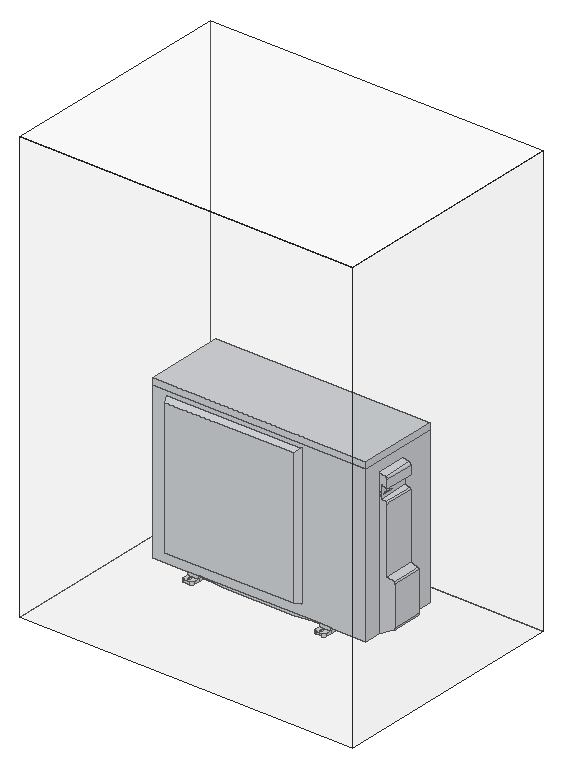
Revit family "puzg-mp2m_2_60hz", category 機械設備, Revit 2019
Family settings
  丸型コネクタ寸法 = 直径を使用
  パーツ タイプ = 標準
  OmniClass 番号 = 23.75.10.24.21.27.27
  OmniClass タイトル = Split System Air Conditioning Units
  作業面ベース = いいえ
  常に垂直 = はい
  ロード時にボイドで切り取り = いいえ
  共有 = いいえ
  部屋計算ポイント = いいえ
Parameters (values of type "室外機_PUG-MP2MKA2")
  音響パワーレベル（冷）(dB) = 65
  音響パワーレベル（暖）(dB) = 0
  電源種別 = ""
  電源位置Y = 61 mm
  電源位置Z = 497.7 mm
  電源位置X = 400 mm
  電圧 = 200 V
  電動機出力_送風機 = 0.04 kW
  電動機出力_圧縮機 = 1.1 kW
  集中コントローラ [instance] = ""
  運転質量 = 0.00 kg
  運転方法 = "冷房専用"
  質量 = if(製品質量 > 運転質量, 製品質量, 運転質量) * 1.2  # 46.80 kg
  負荷分類 = 1_熱源類
  説明 = "空冷H/P PAC インバータ室外機"
  設計暖房能力 [instance] = 0 kW
  設計冷房能力_顕熱 [instance] = 0 kW
  設計冷房能力 [instance] = 0 kW
  設置方法 = "床置形"
  記号 [instance] = ""
  製造元 = "三菱電機株式会社"
  製品質量 = 39.00 kg
  製品出荷対象 = "国内"
  製品リリース年月 = ""
  製品グループ = ""
  系統 [instance] = ""
  符号 = "PAC"
  積算_科目 = "1 空気調和設備"
  積算_拾い区分 [instance] = ""
  相 = 3
  盤記号 [instance] = ""
  発停方法 = "付属スイッチ"
  特殊仕様 [instance] = ""
  消費電力_暖房 = 0 kW
  消費電力_冷房 = 0 kW
  消費電力 = if(消費電力_冷房 > 消費電力_暖房, 消費電力_冷房, 消費電力_暖房)  # 0 kW
  法定耐用年数 = "6"
  構成品番 = "PUG-MP2MKA2"
  極数 = 3
  材質 [instance] = ""
  本体マテリアル = none
  最小電線太さ_mm2 = 1.6
  最大電流値 = 9 A
  暖房能力 = 0 kW
  推奨ブレーカー容量 = 15 A
  据付ピッチ1 = 0 mm
  形式 = "パッケージ形 室外機"
  形名 = PUZ-ZRMP-1 : PUZ-ZRMP-1
  幹線記号 [instance] = ""
  始動方式 = "インバータ始動方式"
  呼称 = "パッケージ形空気調和機_室外機"
  周波数 = 60 Hz
  価格 = 0
  ドレン　位置Z = 8.5 mm
  ドレン　位置Y = 48.5 mm
  ドレン　位置X = 404.5 mm
  アンカーボルト位置Y = 330 mm
  アンカーボルト位置X = 500 mm
  参照している仕様書等のバージョン = "公共建築物標準仕様書（機械設備工事編）平成31年度版"
  分類コード = "50053003126100"
  分類グループ = ""
  冷房能力 = 4.9 kW
  冷媒管（ガス）位置X = 420 mm
  冷媒管（液）位置X = 420 mm
  冷媒管（液）位置Y = 153.75 mm
  冷媒管（ガス）位置Y = 153.75 mm
  冷媒管長 [instance] = 0 mm
  冷媒管径符号 = "Ac"
  冷媒管径 = 60.00 mm
  冷媒管位置Z = 158.95 mm
  冷媒管位置Y = (冷媒管（液）位置Y + 冷媒管（ガス）位置Y) / 2  # 153.75 mm
  冷媒管位置X = (冷媒管（液）位置X + 冷媒管（ガス）位置X) / 2  # 420 mm
  冷媒液管径 = 6.35 mm
  冷媒ガス管径 = 12.70 mm
  企業コード = "108420"
  付属品 [instance] = ""
  仕様書バージョン = "Version1.0"
  ユニット数 = 1
  ユニット3 = yes
  ユニット2 = yes
  Model = ""
  ドレン管径 = 42.00 mm
  サービススペース = yes
  コメント [instance] = ""
  ケーブル種類1 = ""
  【値が 0 の項目は組合せ形名にてご確認ください】 = ""
  Width = 809 mm
  Version = ""
  Uniclass2015Version = "Systems v1.9"
  Uniclass2015Title = "Split coil remote air cooled condensing units"
  Uniclass2015Code = "Pr_70_65_03_84"
  URL = "https://www.mitsubishielectric.co.jp/ldg/wink/ssl/displayProduct.do?pid=311533&ccd=2020103123"
  SpecificationReference = ""
  SpecificationDescription = ""
  Revision = ""
  ProductInformation = ""
  OmniClassCode = "23-33 17 13 11"
  IfcTypeProduct = ""
  IfcProduct = ""
  IfcExportType = "AIRCONDITIONINGUNIT"
  IfcExportAs = "IfcUnitaryEquipmentType"
  Height = 630 mm
  Depth = 300 mm
  Clearance Top = 1000 mm
  Clearance Right = 350 mm
  Clearance Left = 100 mm
  Clearance Front = 500 mm
  Clearance Bottom = 0 mm
  Clearance Back = 100 mm
  COP = 0
  Author = "三菱電機株式会社"
  APF = 0
Reference planes
  plane 1 "中心(正面/背面)": y = 74
  plane 2: z = 0
  plane 3 "中心(左/右)": x = 830
  plane 4 "右": x = 1234.5
  plane 5 "左": x = 425.5
  plane 6 "背面": y = 224
  plane 7 "正面": y = -76
  plane 8 "上部": z = 630
  plane 9 "Clearanse Top": z = 1630
  plane 10 "SS_back": y = 324
  plane 11 "SS_front": y = -576
  plane 12 "SS_left": x = 325.5
  plane 13 "SS_right": x = 1584.5
  plane 14: z = 0
  plane 15: y = -15
  plane 16: x = 1230
  plane 17: z = 497.7
  plane 18: y = -13
  plane 19: y = 70.25
  plane 20: x = 1250
  plane 21: y = 175.5
  plane 22: x = 830
  plane 23: z = 10.5
  plane 24: z = 8.5
  plane 25: x = 580
  plane 26: x = 1080
  plane 27: y = 239
  plane 28: y = -91
Forms (mm)
  Extrusion 1, solid, detail levels fine
    sketch origin (0, -76, 0) x (1, 0, 0) y (0, 0, 1)
      loop
        circle (1230, 497.7) r 13.5
    from -63 to -61
  Extrusion 2, solid, detail levels fine
    sketch origin (-1437.329, -1524, 54) x (-1, 0, 0) y (0, -1, 0)
      loop
        circle (-2267.329, -1699.5) r 21
    from -45.5 to -43.5
  Sweep 3, solid, material <- "本体マテリアル", detail levels fine
    path origin (1250, 1296.25, 1200) x (0, 1, 0) y (0, 0, 1)
      loop
        line (-1226, -1041.05) -> (-1272.623, -1084.565)
    profile origin (1250, 46.939, 137.193) x (0, 0.682318, -0.731055) y (1, 0, 0)
      loop
        circle (0, 0) r 30
Lines and regions (mm)
  model lines, not visible
    curve 1: line (460, 178.667, 1289.179) -> (460, 297.73, 1289.179)
    curve 2: line (460, 178.667, 1056.056) -> (460, 178.667, 1289.179)
    curve 3: line (460, 297.73, 1056.056) -> (460, 178.667, 1056.056)
    curve 4: line (460, 297.73, 1289.179) -> (460, 297.73, 1056.056)
    curve 5: line (460, 47.598, 1289.179) -> (460, 166.661, 1289.179)
    curve 6: line (460, 47.598, 1056.056) -> (460, 47.598, 1289.179)
    curve 7: line (460, 166.661, 1056.056) -> (460, 47.598, 1056.056)
    curve 8: line (460, 166.661, 1289.179) -> (460, 166.661, 1056.056)
    curve 9: line (460, -83.471, 1289.179) -> (460, 35.592, 1289.179)
    curve 10: line (460, -83.471, 1056.056) -> (460, -83.471, 1289.179)
    curve 11: line (460, 35.592, 1056.056) -> (460, -83.471, 1056.056)
    curve 12: line (460, 35.592, 1289.179) -> (460, 35.592, 1056.056)
    curve 13: line (460, -150.779, 1289.179) -> (460, -95.75, 1289.179)
    curve 14: line (460, -150.779, 1056.056) -> (460, -150.779, 1289.179)
    curve 15: line (460, -95.75, 1056.056) -> (460, -150.779, 1056.056)
    curve 16: line (460, -95.75, 1289.179) -> (460, -95.75, 1056.056)
    curve 17: line (460, -150.779, 1283.175) -> (460, -132.596, 1283.175)
    curve 18: line (460, -150.779, 1062.059) -> (460, -150.779, 1283.175)
    curve 19: line (460, -132.596, 1062.059) -> (460, -150.779, 1062.059)
    curve 20: line (460, -132.596, 1283.175) -> (460, -132.596, 1062.059)
    curve 21: line (460, 178.667, 1046.051) -> (460, 297.73, 1046.051)
    curve 22: line (460, 178.667, 812.928) -> (460, 178.667, 1046.051)
    curve 23: line (460, 297.73, 812.928) -> (460, 178.667, 812.928)
    curve 24: line (460, 297.73, 1046.051) -> (460, 297.73, 812.928)
    curve 25: line (460, 47.598, 1046.051) -> (460, 166.661, 1046.051)
    curve 26: line (460, 47.598, 812.928) -> (460, 47.598, 1046.051)
    curve 27: line (460, 166.661, 812.928) -> (460, 47.598, 812.928)
    curve 28: line (460, 166.661, 1046.051) -> (460, 166.661, 812.928)
    curve 29: line (460, -83.471, 1046.051) -> (460, 35.592, 1046.051)
    curve 30: line (460, -83.471, 812.928) -> (460, -83.471, 1046.051)
    curve 31: line (460, 35.592, 812.928) -> (460, -83.471, 812.928)
    curve 32: line (460, 35.592, 1046.051) -> (460, 35.592, 812.928)
    curve 33: line (460, -150.779, 1046.051) -> (460, -95.75, 1046.051)
    curve 34: line (460, -150.779, 812.928) -> (460, -150.779, 1046.051)
    curve 35: line (460, -95.75, 812.928) -> (460, -150.779, 812.928)
    curve 36: line (460, -95.75, 1046.051) -> (460, -95.75, 812.928)
    curve 37: line (460, -150.779, 1040.048) -> (460, -132.596, 1040.048)
    curve 38: line (460, -150.779, 818.931) -> (460, -150.779, 1040.048)
    curve 39: line (460, -132.596, 818.931) -> (460, -150.779, 818.931)
    curve 40: line (460, -132.596, 1040.048) -> (460, -132.596, 818.931)
    curve 41: line (460, 178.667, 802.923) -> (460, 297.73, 802.923)
    curve 42: line (460, 178.667, 569.8) -> (460, 178.667, 802.923)
    curve 43: line (460, 297.73, 569.8) -> (460, 178.667, 569.8)
    curve 44: line (460, 297.73, 802.923) -> (460, 297.73, 569.8)
    curve 45: line (460, 47.598, 802.923) -> (460, 166.661, 802.923)
    curve 46: line (460, 47.598, 569.8) -> (460, 47.598, 802.923)
    curve 47: line (460, 166.661, 569.8) -> (460, 47.598, 569.8)
    curve 48: line (460, 166.661, 802.923) -> (460, 166.661, 569.8)
    curve 49: line (460, -83.471, 802.923) -> (460, 35.592, 802.923)
    curve 50: line (460, -83.471, 569.8) -> (460, -83.471, 802.923)
    curve 51: line (460, 35.592, 569.8) -> (460, -83.471, 569.8)
    curve 52: line (460, 35.592, 802.923) -> (460, 35.592, 569.8)
    curve 53: line (460, -150.779, 802.923) -> (460, -95.75, 802.923)
    curve 54: line (460, -150.779, 569.8) -> (460, -150.779, 802.923)
    curve 55: line (460, -95.75, 569.8) -> (460, -150.779, 569.8)
    curve 56: line (460, -95.75, 802.923) -> (460, -95.75, 569.8)
    curve 57: line (460, -150.779, 796.92) -> (460, -132.596, 796.92)
    curve 58: line (460, -150.779, 575.803) -> (460, -150.779, 796.92)
    curve 59: line (460, -132.596, 575.803) -> (460, -150.779, 575.803)
    curve 60: line (460, -132.596, 796.92) -> (460, -132.596, 575.803)
    curve 61: line (460, 178.667, 559.795) -> (460, 297.73, 559.795)
    curve 62: line (460, 178.667, 326.672) -> (460, 178.667, 559.795)
    curve 63: line (460, 297.73, 326.672) -> (460, 178.667, 326.672)
    curve 64: line (460, 297.73, 559.795) -> (460, 297.73, 326.672)
    curve 65: line (460, 47.598, 559.795) -> (460, 166.661, 559.795)
    curve 66: line (460, 47.598, 326.672) -> (460, 47.598, 559.795)
    curve 67: line (460, 166.661, 326.672) -> (460, 47.598, 326.672)
    curve 68: line (460, 166.661, 559.795) -> (460, 166.661, 326.672)
    curve 69: line (460, -83.471, 559.795) -> (460, 35.592, 559.795)
    curve 70: line (460, -83.471, 326.672) -> (460, -83.471, 559.795)
    curve 71: line (460, 35.592, 326.672) -> (460, -83.471, 326.672)
    curve 72: line (460, 35.592, 559.795) -> (460, 35.592, 326.672)
    curve 73: line (460, -150.779, 559.795) -> (460, -95.75, 559.795)
    curve 74: line (460, -150.779, 326.672) -> (460, -150.779, 559.795)
    curve 75: line (460, -95.75, 326.672) -> (460, -150.779, 326.672)
    curve 76: line (460, -95.75, 559.795) -> (460, -95.75, 326.672)
    curve 77: line (460, -150.779, 553.792) -> (460, -132.596, 553.792)
    curve 78: line (460, -150.779, 332.675) -> (460, -150.779, 553.792)
    curve 79: line (460, -132.596, 332.675) -> (460, -150.779, 332.675)
    curve 80: line (460, -132.596, 553.792) -> (460, -132.596, 332.675)
    curve 81: line (460, 178.667, 316.667) -> (460, 297.73, 316.667)
    curve 82: line (460, 178.667, 83.544) -> (460, 178.667, 316.667)
    curve 83: line (460, 297.73, 83.544) -> (460, 178.667, 83.544)
    curve 84: line (460, 297.73, 316.667) -> (460, 297.73, 83.544)
    curve 85: line (460, 47.598, 316.667) -> (460, 166.661, 316.667)
    curve 86: line (460, 47.598, 83.544) -> (460, 47.598, 316.667)
    curve 87: line (460, 166.661, 83.544) -> (460, 47.598, 83.544)
    curve 88: line (460, 166.661, 316.667) -> (460, 166.661, 83.544)
    curve 89: line (460, -83.471, 316.667) -> (460, 35.592, 316.667)
    curve 90: line (460, -83.471, 83.544) -> (460, -83.471, 316.667)
    curve 91: line (460, 35.592, 83.544) -> (460, -83.471, 83.544)
    curve 92: line (460, 35.592, 316.667) -> (460, 35.592, 83.544)
    curve 93: line (460, -150.779, 316.667) -> (460, -95.75, 316.667)
    curve 94: line (460, -150.779, 83.544) -> (460, -150.779, 316.667)
    curve 95: line (460, -95.75, 83.544) -> (460, -150.779, 83.544)
    curve 96: line (460, -95.75, 316.667) -> (460, -95.75, 83.544)
    curve 97: line (460, -150.779, 310.664) -> (460, -132.596, 310.664)
    curve 98: line (460, -150.779, 89.547) -> (460, -150.779, 310.664)
    curve 99: line (460, -132.596, 89.547) -> (460, -150.779, 89.547)
    curve 100: line (460, -132.596, 310.664) -> (460, -132.596, 89.547)
Dimensions and locks
  equal spacing: plane 7 "正面", plane 1 "中心(正面/背面)", plane 6 "背面"
  "Depth": plane 7 "正面" to plane 6 "背面"
  "Width": plane 5 "左" to plane 4 "右"
  equal spacing: plane 5 "左", plane 3 "中心(左/右)", plane 4 "右"
  "Clearance Left": plane 12 "SS_left" to plane 5 "左"
  "Clearance Right": plane 4 "右" to plane 13 "SS_right"
  "Clearance Back": plane 6 "背面" to plane 10 "SS_back"
  "Clearance Front": plane 11 "SS_front" to plane 7 "正面"
  "Height": plane 8 "上部" to level
  "Clearance Top": plane 9 "Clearanse Top" to plane 8 "上部"
  "Clearance Bottom": level to plane 14
  "電源位置X": plane 3 "中心(左/右)" to plane 16
  "電源位置Y": plane 7 "正面" to plane 15
  "電源位置Z": plane 17 to level
  locked: plane 15 to plane 18 at 2
  "冷媒管位置X": plane 3 "中心(左/右)" to plane 20
  "冷媒管位置Y": plane 19 to plane 6 "背面"
  "ドレン　位置X": plane 5 "左" to plane 22
  "ドレン　位置Y": plane 21 to plane 6 "背面"
  locked: plane 23 to plane 24 at 2
  "ドレン　位置Z": plane 24 to level
  equal spacing: plane 28, plane 1 "中心(正面/背面)", plane 27
  "アンカーボルト位置Y": plane 28 to plane 27
  equal spacing: plane 25, plane 3 "中心(左/右)", plane 26
  "アンカーボルト位置X": plane 25 to plane 26
  radius of Extrusion 1 sketch curve = 13.5 mm
  "ドレン管径": diameter of Extrusion 2 sketch curve
  "冷媒管径": diameter of Sweep 3 sketch curve
  aligned and locked: level to plane 2
  aligned and locked: plane 10 "SS_back" to nested 1  (x2)
  aligned and locked: plane 13 "SS_right" to nested 1
  aligned and locked: plane 12 "SS_left" to nested 1  (x2)
  aligned and locked: nested 1 to plane 13 "SS_right"
  aligned and locked: plane 11 "SS_front" to nested 1
  aligned and locked: plane 9 "Clearanse Top" to nested 1
  aligned and locked: plane 1 "中心(正面/背面)" to nested 2
  aligned and locked: plane 3 "中心(左/右)" to nested 2
  aligned and locked: plane 14 to nested 1
  aligned and locked: plane 17 to Extrusion 1 sketch curve
  aligned and locked: plane 16 to Extrusion 1 sketch curve
  aligned and locked: Extrusion 1 to plane 18
  aligned and locked: plane 15 to Extrusion 1
  aligned and locked: plane 22 to Extrusion 2 sketch curve
  aligned and locked: plane 21 to Extrusion 2 sketch curve
  aligned and locked: plane 23 to Extrusion 2
  aligned and locked: Extrusion 2 to plane 24
  aligned and locked: plane 25 to nested 3
  aligned and locked: plane 27 to nested 3
Automatic sketch dimensions
  Sweep 3 sketch curve to plane 18 = 36.627 mm
  plane 1 "中心(正面/背面)" to Sweep 3 sketch curve = 3.75 mm
  plane 23 to Sweep 3 sketch curve = 104.935 mm
  Sweep 3 sketch curve to Sweep 3 sketch curve = 43.515 mm
  Sweep 3 sketch curve to plane 20 = 0 mm
  Sweep 3 sketch curve to profile plane = 0 mm
Nested families
  nested 1: "サービススペース" at (955, -126, 815), visible <- "サービススペース", type "サービススペース"
    with Width 1259 mm, Height 1630 mm, Depth 900 mm
  nested 2: "PUZ-ZRMP-1" at (830, 74, 0), type <- "形名", type "PUZ-ZRMP-1"
  nested 3: "固定点" at (580, -91, 0), type "固定点"
    with 中心円 10 mm, W 500 mm, D 330 mm
Connectors
  electrical at (1230, -15, 497.7), driven by "極数", driven by "負荷分類", driven by "電圧", driven by "消費電力"
    settings: on Extrusion 1, index 2, voltage 200 V, apparent load 0 VA, apparent load phase1 0 VA, apparent load phase2 0 VA, apparent load phase3 0 VA, power factor 1, load classification "1_熱源類", number of poles 3, system type 30, power factor state 1, is connector primary yes, connector utility no, sub classification motor no, connector description ""
  piping at (1250, 70.25, 158.95), diameter 60, driven by "冷媒管径", driven by "冷媒管径符号"
    settings: on Sweep 3, index 3, connector inside diameter 609.60 mm, connector length 0 mm, flow factor 0, pipe flow 0.0 L/s, pressure drop 0.0 Pa, fitting loss kfactor 0, connector angle 0.00°, fixture units 0, engagement length 0 mm, angle of deflection 0.00°, flow configuration 1, flow direction 2, fitting loss method 4, system type 7, joint type 0, gender type 0, connector reference index -1, connector utility 0, adjustable connector no, is connector primary yes, connector description "Ac"
Definition of nested family "サービススペース"
  Parameters (values of type "サービススペース")
    Width [instance] = 500 mm
    Height [instance] = 500 mm
    Depth [instance] = 500 mm
  Reference planes
    plane 1 "中心(正面/背面)": y = 0
    plane 2: z = 0
    plane 3 "中心(左/右)": x = 0
    plane 4: y = -250
    plane 5: x = 250
    plane 6: y = 250
    plane 7: x = -250
    plane 8: z = 250
    plane 9: z = -250
  Forms (mm)
    Extrusion 1, solid
      sketch origin (-638.939, 0, 72.39) x (1, 0, 0) y (0, 1, 0)
        loop
          line (388.939, 250) -> (388.939, -250) -> (888.939, -250) -> (888.939, 250) -> (388.939, 250)
      from -322.39 to 177.61
  Lines and regions (mm)
    symbolic lines
      curve 1: line (-250, 0, 250) -> (250, 0, 250)
      curve 2: line (-250, 0, -250) -> (-250, 0, 250)
      curve 3: line (250, 0, -250) -> (-250, 0, -250)
      curve 4: line (250, 0, 250) -> (250, 0, -250)
      curve 5: line (0, -250, 250) -> (0, 250, 250)
      curve 6: line (0, -250, -250) -> (0, -250, 250)
      curve 7: line (0, 250, -250) -> (0, -250, -250)
      curve 8: line (0, 250, 250) -> (0, 250, -250)
      curve 9: line (-250, 250, 0) -> (250, 250, 0)
      curve 10: line (-250, -250, 0) -> (-250, 250, 0)
      curve 11: line (250, -250, 0) -> (-250, -250, 0)
      curve 12: line (250, 250, 0) -> (250, -250, 0)
  Dimensions and locks
    equal spacing: plane 7, plane 3 "中心(左/右)", plane 5
    equal spacing: plane 4, plane 1 "中心(正面/背面)", plane 6
    "Depth": plane 4 to plane 6
    "Width": plane 7 to plane 5
    equal spacing: plane 8, plane 2, plane 9
    "Height": plane 8 to plane 9
    aligned and locked: plane 9 to curve 3
    aligned and locked: plane 7 to curve 2
    aligned and locked: curve 4 to plane 5
    aligned and locked: plane 5 to Extrusion 1
    aligned and locked: Extrusion 1 to plane 7
    aligned and locked: Extrusion 1 to plane 9
    aligned and locked: plane 8 to Extrusion 1
    aligned and locked: plane 9 to curve 7
  Automatic sketch dimensions
    plane 4 to Extrusion 1 sketch curve = 0 mm
    Extrusion 1 sketch curve to plane 7 = 0 mm
    Extrusion 1 sketch curve to plane 5 = 0 mm
    plane 6 to Extrusion 1 sketch curve = 0 mm
    curve 2 to plane 8 = 0 mm
    plane 4 to curve 11 = 0 mm
    curve 11 to plane 7 = 0 mm
    curve 11 to plane 5 = 0 mm
    plane 6 to curve 10 = 0 mm
    curve 7 to plane 4 = 0 mm
    curve 7 to plane 6 = 0 mm
    curve 6 to plane 8 = 0 mm
Definition of nested family "PUZ-ZRMP-1"
  Parameters (values of type "PUZ-ZRMP-1")
    配線取出口サイズ = 27 mm
    配線取出口-Z = 497.7 mm
    配線取出口-Y = 239 mm
    配線取出口-X = 400 mm
    液配管サイズ = 50 mm
    高さ = 630 mm
    換気-W = 310 mm
    換気-H2 = 632 mm
    換気-H1 = 325 mm
    換気-D = 23.2 mm
    奥行き = 300 mm
    吊りボルト_H = 0 mm
    吊りボルト-φ = 10 mm
    冷媒配管サイズ = 6.35 mm
    冷媒液管径-Z = 164.5 mm
    冷媒液管径-Y = 185.5 mm
    冷媒液管径-X = 420 mm
    冷媒ガス管径-Z = 99.5 mm
    冷媒ガス管径-Y = 185.5 mm
    冷媒ガス管径-X = 420 mm
    吊りボルト-W = 500 mm
    マテリアル = none
    ドレン配管サイズ = 42 mm
    ドレン管径-Z = 0 mm
    ドレン管径-Y = 251.5 mm
    ドレン管径-X = 404.5 mm
    タイプ3 = no
    タイプ2 = no
    タイプ1 = yes
    ガス配管サイズ = 12.7 mm
    吊りボルト-D = 330 mm
    幅さ = 809 mm
    a = 600 mm
  Reference planes
    plane 1 "中心(正面/背面)": y = 0
    plane 2: z = 0
    plane 3 "中心(左/右)": x = 0
    plane 4: z = 630
    plane 5: x = -404.5
    plane 6: x = 404.5
    plane 7: y = 150
    plane 8: y = -150
    plane 9: x = 466.5
    plane 10: y = -90
    plane 11: y = 20
    plane 12: z = 605
    plane 13: x = -424.5
    plane 14: x = -250
    plane 15: x = 250
    plane 16: y = 165
    plane 17: y = -165
    plane 18: x = 270
    plane 19: x = 230
    plane 20: x = -230
    plane 21: x = -270
    plane 22: y = 180
    plane 23: y = -180
    plane 24: z = 8.5
    plane 25: z = 20
    plane 26: z = 11.5
    plane 27: x = -135
    plane 28: x = 135
    plane 29: z = 625
    plane 30: y = -40
    plane 31: y = 40
    plane 32: y = -30
    plane 33: y = 30
    plane 34: z = 610
    plane 35: z = 55
    plane 36: z = 225
    plane 37: z = 570
    plane 38: x = 414.5
    plane 39: x = 435.5
    plane 40: y = -173.2
    plane 41: x = -94.5
    plane 42: z = 325
    plane 43: x = 159.5
    plane 44: x = -348.5
    plane 45: z = 589
    plane 46: z = 61
    plane 47: x = -338.5
    plane 48: x = 149.5
    plane 49: z = 579
    plane 50: z = 71
    plane 51: y = 100
    plane 52: y = -100
    plane 53: x = 0
    plane 54: y = 101.5
    plane 55: x = 420
    plane 56: x = 400
    plane 57: y = -89
    plane 58: y = -35.5
    plane 59: y = -35.5
    plane 60: x = 420
    plane 61: z = 99.5
    plane 62: z = 164.5
    plane 63: z = 497.7
    plane 64: y = -39
    plane 65: z = 137.3
    plane 66: z = 180.6
    plane 67: x = 420
    plane 68: y = -35.5
    plane 69 "グループ": x = -600
    plane 70: z = 1338
    plane 71: z = 943
    plane 72: z = 957
    plane 73: z = 1221
    plane 74: z = 693
    plane 75: z = 1211
    plane 76: z = 703
    plane 77: y = -12.5
    plane 78: y = 5
    plane 79: y = -3.75
  Forms (mm)
    Extrusion 1, solid, visible <- "タイプ1", detail levels fine
      sketch origin (-1437.329, -1524, 630) x (-1, 0, 0) y (0, -1, 0)
        loop
          line (-1167.329, -1674) -> (-1167.329, -1374) -> (-1207.329, -1374) -> (-1207.329, -1674) -> (-1167.329, -1674)
        loop
          line (-1667.329, -1674) -> (-1667.329, -1374) -> (-1707.329, -1374) -> (-1707.329, -1674) -> (-1667.329, -1674)
      from -630 to -610
    Extrusion 2, solid, material <- "マテリアル", visible <- "タイプ1", detail levels fine
      sketch origin (0, 0, 0) x (1, 0, 0) y (0, 0, 1)
        loop
          line (-230, 20) -> (-135, 11.5) -> (135, 11.5) -> (230, 20) -> (-230, 20)
      from -150 to 150
    Extrusion 3, solid, material <- "マテリアル", visible <- "タイプ1", detail levels fine
      sketch origin (-1437.329, -1524, 630) x (-1, 0, 0) y (0, -1, 0)
        loop
          circle (-1437.329, -1625.5) r 21
      from -621.5 to -618.5
    Extrusion 4, solid, material <- "マテリアル", visible <- "タイプ1", detail levels fine
      sketch origin (-1437.329, -1524, 630) x (-1, 0, 0) y (0, -1, 0)
        loop
          line (-1841.829, -1674) -> (-1032.829, -1674) -> (-1032.829, -1374) -> (-1841.829, -1374) -> (-1841.829, -1674)
      from -610 to -25
    Extrusion 5, solid, material <- "マテリアル", visible <- "タイプ1", detail levels fine
      sketch origin (-1437.329, -1524, 630) x (-1, 0, 0) y (0, -1, 0)
        loop
          line (-1032.829, -1674) -> (-1032.829, -1374) -> (-1841.829, -1374) -> (-1841.829, -1674) -> (-1032.829, -1674)
      from -25 to 0
    Blend 6, solid, material <- "マテリアル", visible <- "タイプ1", detail levels fine
      base sketch origin (0, 0, 0) x (0, 1, 0) y (0, 0, 1)
        loop
          line (40, 625) -> (-40, 625) -> (-40, 605) -> (40, 605) -> (40, 625)
      top sketch origin (0, 0, 0) x (0, 1, 0) y (0, 0, 1)
        loop
          line (30, 610) -> (-30, 610) -> (-30, 605) -> (30, 605) -> (30, 610)
      from -404.5 to -424.5
    Extrusion 7, solid, material <- "マテリアル", visible <- "タイプ1", detail levels fine
      sketch origin (0, 0, 0) x (1, 0, 0) y (0, 0, 1)
        loop
          line (404.5, 570) -> (404.5, 20) -> (461.416, 52.13)
          arc (461.416, 52.13) -> (465.136, 55.796) -> (466.5, 60.838) r 10
          line (466.5, 60.838) -> (466.5, 210.216)
          arc (466.5, 210.216) -> (465.596, 213.084) -> (463.21, 214.914) r 5
          line (463.21, 214.914) -> (435.5, 225) -> (435.5, 470.082)
          arc (435.5, 470.082) -> (434.596, 472.95) -> (432.21, 474.78) r 5
          line (432.21, 474.78) -> (414.5, 481.226) -> (414.5, 529.114) -> (435.5, 521.471) -> (435.5, 551.715)
          arc (435.5, 551.715) -> (433.692, 557.451) -> (428.92, 561.112) r 10
          line (428.92, 561.112) -> (404.5, 570)
      from -20 to 90
    Blend 8, solid, material <- "マテリアル", visible <- "タイプ1", detail levels fine
      base sketch origin (0, 0, 0) x (1, 0, 0) y (0, 0, 1)
        loop
          line (-348.5, 589) -> (-348.5, 61) -> (159.5, 61) -> (159.5, 589) -> (-348.5, 589)
      top sketch origin (0, 0, 0) x (1, 0, 0) y (0, 0, 1)
        loop
          line (-338.5, 579) -> (-338.5, 71) -> (149.5, 71) -> (149.5, 579) -> (-338.5, 579)
      from 150 to 173.2
    Extrusion 9, solid, material <- "マテリアル", visible <- "タイプ1", detail levels fine
      sketch origin (1480.036, -173.2, 1200) x (1, 0, 0) y (0, 0, 1)
        loop
          circle (-1080.036, -702.3) r 13.5
      from -134.2 to -84.2
    Extrusion 10, solid, visible <- "タイプ1", detail levels fine
      sketch origin (-1437.329, -1524, 630) x (-1, 0, 0) y (0, -1, 0)
        loop
          line (-1167.329, -1704) -> (-1167.329, -1674) -> (-1207.329, -1674) -> (-1207.329, -1704) -> (-1192.329, -1704) -> (-1192.329, -1689)
          arc (-1192.329, -1689) -> (-1187.329, -1684) -> (-1182.329, -1689) r 5
          line (-1182.329, -1689) -> (-1182.329, -1704) -> (-1167.329, -1704)
        loop
          line (-1667.329, -1704) -> (-1667.329, -1674) -> (-1707.329, -1674) -> (-1707.329, -1704) -> (-1692.329, -1704) -> (-1692.329, -1689)
          arc (-1692.329, -1689) -> (-1687.329, -1684) -> (-1682.329, -1689) r 5
          line (-1682.329, -1689) -> (-1682.329, -1704) -> (-1667.329, -1704)
        loop
          line (-1667.329, -1374) -> (-1667.329, -1354)
          arc (-1667.329, -1354) -> (-1670.258, -1346.929) -> (-1677.329, -1344) r 10
          line (-1677.329, -1344) -> (-1697.329, -1344)
          arc (-1697.329, -1344) -> (-1704.4, -1346.929) -> (-1707.329, -1354) r 10
          line (-1707.329, -1354) -> (-1707.329, -1374) -> (-1667.329, -1374)
        loop
          line (-1167.329, -1374) -> (-1167.329, -1354)
          arc (-1167.329, -1354) -> (-1170.258, -1346.929) -> (-1177.329, -1344) r 10
          line (-1177.329, -1344) -> (-1197.329, -1344)
          arc (-1197.329, -1344) -> (-1204.4, -1346.929) -> (-1207.329, -1354) r 10
          line (-1207.329, -1354) -> (-1207.329, -1374) -> (-1167.329, -1374)
        loop
          arc (-1192.329, -1359) -> (-1187.329, -1364) -> (-1182.329, -1359) r 5
          line (-1182.329, -1359) -> (-1182.329, -1354)
          arc (-1182.329, -1354) -> (-1187.329, -1349) -> (-1192.329, -1354) r 5
          line (-1192.329, -1354) -> (-1192.329, -1359)
        loop
          arc (-1692.329, -1359) -> (-1687.329, -1364) -> (-1682.329, -1359) r 5
          line (-1682.329, -1359) -> (-1682.329, -1354)
          arc (-1682.329, -1354) -> (-1687.329, -1349) -> (-1692.329, -1354) r 5
          line (-1692.329, -1354) -> (-1692.329, -1359)
      from -621.5 to -630
    Sweep 11, solid, material <- "マテリアル", visible <- "タイプ1", detail levels fine
      path origin (420, 1296.25, 1200) x (0, 1, 0) y (0, 0, 1)
        loop
          line (-1331.75, -1035.5) -> (-1308.75, -1019.4)
      profile origin (420, -24, 172.55) x (0, -0.573462, 0.819232) y (1, 0, 0)
        loop
          circle (0, 0) r 3.175
    Sweep 12, solid, material <- "マテリアル", visible <- "タイプ1", detail levels fine
      path origin (420, 1296.25, 1200) x (0, 1, 0) y (0, 0, 1)
        loop
          line (-1331.75, -1100.5) -> (-1291.25, -1062.7)
      profile origin (420, -15.25, 118.4) x (0, -0.682318, 0.731055) y (1, 0, 0)
        loop
          circle (0, 0) r 6.35
  Lines and regions (mm)
    Masking region 1, visible <- "タイプ1", detail levels coarse+medium
      outline origin (-1437.329, -1524, 630) x (-1, 0, 0) y (0, -1, 0)
        loop
          line (-1841.829, -1674) -> (-1707.329, -1674) -> (-1707.329, -1704) -> (-1667.329, -1704) -> (-1667.329, -1674) -> (-1207.329, -1674) -> (-1207.329, -1704) -> (-1167.329, -1704) -> (-1167.329, -1674) -> (-1032.829, -1674) -> (-1032.829, -1564) -> (-1012.829, -1554) -> (-1012.829, -1494) -> (-1032.829, -1484) -> (-1032.829, -1374) -> (-1088.829, -1374) -> (-1098.829, -1350.8) -> (-1167.855, -1350.8)
          arc (-1167.855, -1350.8) -> (-1171.498, -1345.876) -> (-1177.329, -1344) r 10
          line (-1177.329, -1344) -> (-1197.329, -1344)
          arc (-1197.329, -1344) -> (-1203.16, -1345.876) -> (-1206.804, -1350.8) r 10
          line (-1206.804, -1350.8) -> (-1586.829, -1350.8) -> (-1596.829, -1374) -> (-1667.329, -1374) -> (-1667.329, -1354)
          arc (-1667.329, -1354) -> (-1670.258, -1346.929) -> (-1677.329, -1344) r 10
          line (-1677.329, -1344) -> (-1697.329, -1344)
          arc (-1697.329, -1344) -> (-1704.4, -1346.929) -> (-1707.329, -1354) r 10
          line (-1707.329, -1354) -> (-1707.329, -1374) -> (-1841.829, -1374) -> (-1841.829, -1434) -> (-1903.829, -1434) -> (-1903.829, -1544) -> (-1841.829, -1544) -> (-1841.829, -1674)
    model lines, visible <- "タイプ1", detail levels fine
      curve 1: line (324.5, 100, 630) -> (-324.5, 100, 630)
      curve 2: line (-324.5, -100, 630) -> (324.5, -100, 630)
      curve 3: line (-324.5, -40, 630) -> (324.5, -40, 630)
      curve 4: line (324.5, 40, 630) -> (-324.5, 40, 630)
      curve 5: line (-324.5, -30, 630) -> (324.5, -30, 630)
      curve 6: line (324.5, 30, 630) -> (-324.5, 30, 630)
      curve 7: line (-324.5, 100, 630) -> (-324.5, 40, 630)
      curve 8: line (324.5, -100, 630) -> (324.5, -40, 630)
      curve 9: line (-324.5, 30, 630) -> (-324.5, -30, 630)
      curve 10: line (-324.5, -40, 630) -> (-324.5, -100, 630)
      curve 11: line (324.5, -30, 630) -> (324.5, 30, 630)
      curve 12: line (324.5, 40, 630) -> (324.5, 100, 630)
      curve 13: line (354.5, -100, 630) -> (354.5, 100, 630)
      curve 14: line (339.5, -100, 630) -> (339.5, 100, 630)
      curve 15: line (-354.5, 100, 630) -> (-354.5, -100, 630)
      curve 16: line (-339.5, 100, 630) -> (-339.5, -100, 630)
      curve 17: line (-339.5, 100, 630) -> (-354.5, 100, 630)
      curve 18: line (-339.5, -100, 630) -> (-354.5, -100, 630)
      curve 19: line (339.5, 100, 630) -> (354.5, 100, 630)
      curve 20: line (339.5, -100, 630) -> (354.5, -100, 630)
      curve 21: line (-338.5, -173.2, 372.5) -> (149.5, -173.2, 372.5)
      curve 22: line (149.5, -173.2, 277.5) -> (-338.5, -173.2, 277.5)
      curve 23: line (-338.5, -173.2, 467.5) -> (149.5, -173.2, 467.5)
      curve 24: line (-338.5, -173.2, 562.5) -> (149.5, -173.2, 562.5)
      curve 25: line (149.5, -173.2, 182.5) -> (-338.5, -173.2, 182.5)
      curve 26: line (149.5, -173.2, 87.5) -> (-338.5, -173.2, 87.5)
      curve 27: line (-321.071, -173.2, 579) -> (-321.071, -173.2, 71)
      curve 28: line (132.071, -173.2, 71) -> (132.071, -173.2, 579)
      curve 29: line (-303.643, -173.2, 579) -> (-303.643, -173.2, 71)
      curve 30: line (-286.214, -173.2, 579) -> (-286.214, -173.2, 71)
      curve 31: line (-268.786, -173.2, 579) -> (-268.786, -173.2, 71)
      curve 32: line (-251.357, -173.2, 579) -> (-251.357, -173.2, 71)
      curve 33: line (-233.929, -173.2, 579) -> (-233.929, -173.2, 71)
      curve 34: line (-216.5, -173.2, 579) -> (-216.5, -173.2, 71)
      curve 35: line (-199.071, -173.2, 579) -> (-199.071, -173.2, 71)
      curve 36: line (-181.643, -173.2, 579) -> (-181.643, -173.2, 71)
      curve 37: line (-164.214, -173.2, 579) -> (-164.214, -173.2, 71)
      curve 38: line (-146.786, -173.2, 579) -> (-146.786, -173.2, 71)
      curve 39: line (-129.357, -173.2, 579) -> (-129.357, -173.2, 71)
      curve 40: line (-111.929, -173.2, 579) -> (-111.929, -173.2, 71)
      curve 41: line (-94.5, -173.2, 579) -> (-94.5, -173.2, 71)
      curve 42: line (-77.071, -173.2, 579) -> (-77.071, -173.2, 71)
      curve 43: line (-59.643, -173.2, 579) -> (-59.643, -173.2, 71)
      curve 44: line (-42.214, -173.2, 579) -> (-42.214, -173.2, 71)
      curve 45: line (-24.786, -173.2, 579) -> (-24.786, -173.2, 71)
      curve 46: line (-7.357, -173.2, 579) -> (-7.357, -173.2, 71)
      curve 47: line (10.071, -173.2, 579) -> (10.071, -173.2, 71)
      curve 48: line (27.5, -173.2, 579) -> (27.5, -173.2, 71)
      curve 49: line (44.929, -173.2, 579) -> (44.929, -173.2, 71)
      curve 50: line (62.357, -173.2, 579) -> (62.357, -173.2, 71)
      curve 51: line (79.786, -173.2, 579) -> (79.786, -173.2, 71)
      curve 52: line (97.214, -173.2, 579) -> (97.214, -173.2, 71)
      curve 53: line (114.643, -173.2, 579) -> (114.643, -173.2, 71)
      curve 54: line (-404.5, -10, 574) -> (-404.5, -10, 584)
      curve 55: line (-404.5, -100, 584) -> (-404.5, -100, 574)
      curve 56: line (-404.5, 100, 584) -> (-404.5, 100, 574)
      curve 57: line (-404.5, 10, 584) -> (-404.5, 10, 574)
      curve 58: line (-404.5, 95, 589) -> (-404.5, 15, 589)
      curve 59: line (-404.5, -15, 589) -> (-404.5, -95, 589)
      curve 60: line (-404.5, -15, 569) -> (-404.5, -95, 569)
      curve 61: line (-404.5, 95, 569) -> (-404.5, 15, 569)
      curve 62: arc (-404.5, 100, 584) -> (-404.5, 98.536, 587.536) -> (-404.5, 95, 589) r 5
      curve 63: arc (-404.5, 95, 569) -> (-404.5, 98.536, 570.464) -> (-404.5, 100, 574) r 5
      curve 64: arc (-404.5, 10, 584) -> (-404.5, 11.464, 587.536) -> (-404.5, 15, 589) r 5
      curve 65: arc (-404.5, 10, 574) -> (-404.5, 11.464, 570.464) -> (-404.5, 15, 569) r 5
      curve 66: arc (-404.5, -10, 584) -> (-404.5, -11.464, 587.536) -> (-404.5, -15, 589) r 5
      curve 67: arc (-404.5, -15, 569) -> (-404.5, -11.464, 570.464) -> (-404.5, -10, 574) r 5
      curve 68: arc (-404.5, -95, 589) -> (-404.5, -98.536, 587.536) -> (-404.5, -100, 584) r 5
      curve 69: arc (-404.5, -100, 574) -> (-404.5, -98.536, 570.464) -> (-404.5, -95, 569) r 5
      curve 70: line (-404.5, -10, 544) -> (-404.5, -10, 554)
      curve 71: line (-404.5, -100, 554) -> (-404.5, -100, 544)
      curve 72: line (-404.5, 100, 554) -> (-404.5, 100, 544)
      curve 73: line (-404.5, 10, 554) -> (-404.5, 10, 544)
      curve 74: line (-404.5, 95, 559) -> (-404.5, 15, 559)
      curve 75: line (-404.5, -15, 559) -> (-404.5, -95, 559)
      curve 76: line (-404.5, -15, 539) -> (-404.5, -95, 539)
      curve 77: line (-404.5, 95, 539) -> (-404.5, 15, 539)
      curve 78: arc (-404.5, 100, 554) -> (-404.5, 98.536, 557.536) -> (-404.5, 95, 559) r 5
      curve 79: arc (-404.5, 95, 539) -> (-404.5, 98.536, 540.464) -> (-404.5, 100, 544) r 5
      curve 80: arc (-404.5, 10, 554) -> (-404.5, 11.464, 557.536) -> (-404.5, 15, 559) r 5
      curve 81: arc (-404.5, 10, 544) -> (-404.5, 11.464, 540.464) -> (-404.5, 15, 539) r 5
      curve 82: arc (-404.5, -10, 554) -> (-404.5, -11.464, 557.536) -> (-404.5, -15, 559) r 5
      curve 83: arc (-404.5, -15, 539) -> (-404.5, -11.464, 540.464) -> (-404.5, -10, 544) r 5
      curve 84: arc (-404.5, -95, 559) -> (-404.5, -98.536, 557.536) -> (-404.5, -100, 554) r 5
      curve 85: arc (-404.5, -100, 544) -> (-404.5, -98.536, 540.464) -> (-404.5, -95, 539) r 5
      curve 86: line (-404.5, -10, 514) -> (-404.5, -10, 524)
      curve 87: line (-404.5, -100, 524) -> (-404.5, -100, 514)
      curve 88: line (-404.5, 100, 524) -> (-404.5, 100, 514)
      curve 89: line (-404.5, 10, 524) -> (-404.5, 10, 514)
      curve 90: line (-404.5, 95, 529) -> (-404.5, 15, 529)
      curve 91: line (-404.5, -15, 529) -> (-404.5, -95, 529)
      curve 92: line (-404.5, -15, 509) -> (-404.5, -95, 509)
      curve 93: line (-404.5, 95, 509) -> (-404.5, 15, 509)
      curve 94: arc (-404.5, 100, 524) -> (-404.5, 98.536, 527.536) -> (-404.5, 95, 529) r 5
      curve 95: arc (-404.5, 95, 509) -> (-404.5, 98.536, 510.464) -> (-404.5, 100, 514) r 5
      curve 96: arc (-404.5, 10, 524) -> (-404.5, 11.464, 527.536) -> (-404.5, 15, 529) r 5
      curve 97: arc (-404.5, 10, 514) -> (-404.5, 11.464, 510.464) -> (-404.5, 15, 509) r 5
      curve 98: arc (-404.5, -10, 524) -> (-404.5, -11.464, 527.536) -> (-404.5, -15, 529) r 5
      curve 99: arc (-404.5, -15, 509) -> (-404.5, -11.464, 510.464) -> (-404.5, -10, 514) r 5
      curve 100: arc (-404.5, -95, 529) -> (-404.5, -98.536, 527.536) -> (-404.5, -100, 524) r 5
      curve 101: arc (-404.5, -100, 514) -> (-404.5, -98.536, 510.464) -> (-404.5, -95, 509) r 5
      curve 102: line (-404.5, -10, 484) -> (-404.5, -10, 494)
      curve 103: line (-404.5, -100, 494) -> (-404.5, -100, 484)
      curve 104: line (-404.5, 100, 494) -> (-404.5, 100, 484)
      curve 105: line (-404.5, 10, 494) -> (-404.5, 10, 484)
      curve 106: line (-404.5, 95, 499) -> (-404.5, 15, 499)
      curve 107: line (-404.5, -15, 499) -> (-404.5, -95, 499)
      curve 108: line (-404.5, -15, 479) -> (-404.5, -95, 479)
      curve 109: line (-404.5, 95, 479) -> (-404.5, 15, 479)
      curve 110: arc (-404.5, 100, 494) -> (-404.5, 98.536, 497.536) -> (-404.5, 95, 499) r 5
      curve 111: arc (-404.5, 95, 479) -> (-404.5, 98.536, 480.464) -> (-404.5, 100, 484) r 5
      curve 112: arc (-404.5, 10, 494) -> (-404.5, 11.464, 497.536) -> (-404.5, 15, 499) r 5
      curve 113: arc (-404.5, 10, 484) -> (-404.5, 11.464, 480.464) -> (-404.5, 15, 479) r 5
      curve 114: arc (-404.5, -10, 494) -> (-404.5, -11.464, 497.536) -> (-404.5, -15, 499) r 5
      curve 115: arc (-404.5, -15, 479) -> (-404.5, -11.464, 480.464) -> (-404.5, -10, 484) r 5
      curve 116: arc (-404.5, -95, 499) -> (-404.5, -98.536, 497.536) -> (-404.5, -100, 494) r 5
      curve 117: arc (-404.5, -100, 484) -> (-404.5, -98.536, 480.464) -> (-404.5, -95, 479) r 5
      curve 118: line (-404.5, -10, 454) -> (-404.5, -10, 464)
      curve 119: line (-404.5, -100, 464) -> (-404.5, -100, 454)
      curve 120: line (-404.5, 100, 464) -> (-404.5, 100, 454)
      curve 121: line (-404.5, 10, 464) -> (-404.5, 10, 454)
      curve 122: line (-404.5, 95, 469) -> (-404.5, 15, 469)
      curve 123: line (-404.5, -15, 469) -> (-404.5, -95, 469)
      curve 124: line (-404.5, -15, 449) -> (-404.5, -95, 449)
      curve 125: line (-404.5, 95, 449) -> (-404.5, 15, 449)
      curve 126: arc (-404.5, 100, 464) -> (-404.5, 98.536, 467.536) -> (-404.5, 95, 469) r 5
      curve 127: arc (-404.5, 95, 449) -> (-404.5, 98.536, 450.464) -> (-404.5, 100, 454) r 5
      curve 128: arc (-404.5, 10, 464) -> (-404.5, 11.464, 467.536) -> (-404.5, 15, 469) r 5
      curve 129: arc (-404.5, 10, 454) -> (-404.5, 11.464, 450.464) -> (-404.5, 15, 449) r 5
      curve 130: arc (-404.5, -10, 464) -> (-404.5, -11.464, 467.536) -> (-404.5, -15, 469) r 5
      curve 131: arc (-404.5, -15, 449) -> (-404.5, -11.464, 450.464) -> (-404.5, -10, 454) r 5
      curve 132: arc (-404.5, -95, 469) -> (-404.5, -98.536, 467.536) -> (-404.5, -100, 464) r 5
      curve 133: arc (-404.5, -100, 454) -> (-404.5, -98.536, 450.464) -> (-404.5, -95, 449) r 5
      curve 134: line (-404.5, -10, 424) -> (-404.5, -10, 434)
      curve 135: line (-404.5, -100, 434) -> (-404.5, -100, 424)
      curve 136: line (-404.5, 100, 434) -> (-404.5, 100, 424)
      curve 137: line (-404.5, 10, 434) -> (-404.5, 10, 424)
      curve 138: line (-404.5, 95, 439) -> (-404.5, 15, 439)
      curve 139: line (-404.5, -15, 439) -> (-404.5, -95, 439)
      curve 140: line (-404.5, -15, 419) -> (-404.5, -95, 419)
      curve 141: line (-404.5, 95, 419) -> (-404.5, 15, 419)
      curve 142: arc (-404.5, 100, 434) -> (-404.5, 98.536, 437.536) -> (-404.5, 95, 439) r 5
      curve 143: arc (-404.5, 95, 419) -> (-404.5, 98.536, 420.464) -> (-404.5, 100, 424) r 5
      curve 144: arc (-404.5, 10, 434) -> (-404.5, 11.464, 437.536) -> (-404.5, 15, 439) r 5
      curve 145: arc (-404.5, 10, 424) -> (-404.5, 11.464, 420.464) -> (-404.5, 15, 419) r 5
      curve 146: arc (-404.5, -10, 434) -> (-404.5, -11.464, 437.536) -> (-404.5, -15, 439) r 5
      curve 147: arc (-404.5, -15, 419) -> (-404.5, -11.464, 420.464) -> (-404.5, -10, 424) r 5
      curve 148: arc (-404.5, -95, 439) -> (-404.5, -98.536, 437.536) -> (-404.5, -100, 434) r 5
      curve 149: arc (-404.5, -100, 424) -> (-404.5, -98.536, 420.464) -> (-404.5, -95, 419) r 5
      curve 150: line (-404.5, -10, 394) -> (-404.5, -10, 404)
      curve 151: line (-404.5, -100, 404) -> (-404.5, -100, 394)
      curve 152: line (-404.5, 100, 404) -> (-404.5, 100, 394)
      curve 153: line (-404.5, 10, 404) -> (-404.5, 10, 394)
      curve 154: line (-404.5, 95, 409) -> (-404.5, 15, 409)
      curve 155: line (-404.5, -15, 409) -> (-404.5, -95, 409)
      curve 156: line (-404.5, -15, 389) -> (-404.5, -95, 389)
      curve 157: line (-404.5, 95, 389) -> (-404.5, 15, 389)
      curve 158: arc (-404.5, 100, 404) -> (-404.5, 98.536, 407.536) -> (-404.5, 95, 409) r 5
      curve 159: arc (-404.5, 95, 389) -> (-404.5, 98.536, 390.464) -> (-404.5, 100, 394) r 5
      curve 160: arc (-404.5, 10, 404) -> (-404.5, 11.464, 407.536) -> (-404.5, 15, 409) r 5
      curve 161: arc (-404.5, 10, 394) -> (-404.5, 11.464, 390.464) -> (-404.5, 15, 389) r 5
      curve 162: arc (-404.5, -10, 404) -> (-404.5, -11.464, 407.536) -> (-404.5, -15, 409) r 5
      curve 163: arc (-404.5, -15, 389) -> (-404.5, -11.464, 390.464) -> (-404.5, -10, 394) r 5
      curve 164: arc (-404.5, -95, 409) -> (-404.5, -98.536, 407.536) -> (-404.5, -100, 404) r 5
      curve 165: arc (-404.5, -100, 394) -> (-404.5, -98.536, 390.464) -> (-404.5, -95, 389) r 5
      curve 166: line (-404.5, -10, 364) -> (-404.5, -10, 374)
      curve 167: line (-404.5, -100, 374) -> (-404.5, -100, 364)
      curve 168: line (-404.5, 100, 374) -> (-404.5, 100, 364)
      curve 169: line (-404.5, 10, 374) -> (-404.5, 10, 364)
      curve 170: line (-404.5, 95, 379) -> (-404.5, 15, 379)
      curve 171: line (-404.5, -15, 379) -> (-404.5, -95, 379)
      curve 172: line (-404.5, -15, 359) -> (-404.5, -95, 359)
      curve 173: line (-404.5, 95, 359) -> (-404.5, 15, 359)
      curve 174: arc (-404.5, 100, 374) -> (-404.5, 98.536, 377.536) -> (-404.5, 95, 379) r 5
      curve 175: arc (-404.5, 95, 359) -> (-404.5, 98.536, 360.464) -> (-404.5, 100, 364) r 5
      curve 176: arc (-404.5, 10, 374) -> (-404.5, 11.464, 377.536) -> (-404.5, 15, 379) r 5
      curve 177: arc (-404.5, 10, 364) -> (-404.5, 11.464, 360.464) -> (-404.5, 15, 359) r 5
      curve 178: arc (-404.5, -10, 374) -> (-404.5, -11.464, 377.536) -> (-404.5, -15, 379) r 5
      curve 179: arc (-404.5, -15, 359) -> (-404.5, -11.464, 360.464) -> (-404.5, -10, 364) r 5
      curve 180: arc (-404.5, -95, 379) -> (-404.5, -98.536, 377.536) -> (-404.5, -100, 374) r 5
      curve 181: arc (-404.5, -100, 364) -> (-404.5, -98.536, 360.464) -> (-404.5, -95, 359) r 5
      curve 182: line (-404.5, -10, 334) -> (-404.5, -10, 344)
      curve 183: line (-404.5, -100, 344) -> (-404.5, -100, 334)
      curve 184: line (-404.5, 100, 344) -> (-404.5, 100, 334)
      curve 185: line (-404.5, 10, 344) -> (-404.5, 10, 334)
      curve 186: line (-404.5, 95, 349) -> (-404.5, 15, 349)
      curve 187: line (-404.5, -15, 349) -> (-404.5, -95, 349)
      curve 188: line (-404.5, -15, 329) -> (-404.5, -95, 329)
      curve 189: line (-404.5, 95, 329) -> (-404.5, 15, 329)
      curve 190: arc (-404.5, 100, 344) -> (-404.5, 98.536, 347.536) -> (-404.5, 95, 349) r 5
      curve 191: arc (-404.5, 95, 329) -> (-404.5, 98.536, 330.464) -> (-404.5, 100, 334) r 5
      curve 192: arc (-404.5, 10, 344) -> (-404.5, 11.464, 347.536) -> (-404.5, 15, 349) r 5
      curve 193: arc (-404.5, 10, 334) -> (-404.5, 11.464, 330.464) -> (-404.5, 15, 329) r 5
      curve 194: arc (-404.5, -10, 344) -> (-404.5, -11.464, 347.536) -> (-404.5, -15, 349) r 5
      curve 195: arc (-404.5, -15, 329) -> (-404.5, -11.464, 330.464) -> (-404.5, -10, 334) r 5
      curve 196: arc (-404.5, -95, 349) -> (-404.5, -98.536, 347.536) -> (-404.5, -100, 344) r 5
      curve 197: arc (-404.5, -100, 334) -> (-404.5, -98.536, 330.464) -> (-404.5, -95, 329) r 5
      curve 198: line (-404.5, -10, 304) -> (-404.5, -10, 314)
      curve 199: line (-404.5, -100, 314) -> (-404.5, -100, 304)
      curve 200: line (-404.5, 100, 314) -> (-404.5, 100, 304)
      curve 201: line (-404.5, 10, 314) -> (-404.5, 10, 304)
      curve 202: line (-404.5, 95, 319) -> (-404.5, 15, 319)
      curve 203: line (-404.5, -15, 319) -> (-404.5, -95, 319)
      curve 204: line (-404.5, -15, 299) -> (-404.5, -95, 299)
      curve 205: line (-404.5, 95, 299) -> (-404.5, 15, 299)
      curve 206: arc (-404.5, 100, 314) -> (-404.5, 98.536, 317.536) -> (-404.5, 95, 319) r 5
      curve 207: arc (-404.5, 95, 299) -> (-404.5, 98.536, 300.464) -> (-404.5, 100, 304) r 5
      curve 208: arc (-404.5, 10, 314) -> (-404.5, 11.464, 317.536) -> (-404.5, 15, 319) r 5
      curve 209: arc (-404.5, 10, 304) -> (-404.5, 11.464, 300.464) -> (-404.5, 15, 299) r 5
      curve 210: arc (-404.5, -10, 314) -> (-404.5, -11.464, 317.536) -> (-404.5, -15, 319) r 5
      curve 211: arc (-404.5, -15, 299) -> (-404.5, -11.464, 300.464) -> (-404.5, -10, 304) r 5
      curve 212: arc (-404.5, -95, 319) -> (-404.5, -98.536, 317.536) -> (-404.5, -100, 314) r 5
      curve 213: arc (-404.5, -100, 304) -> (-404.5, -98.536, 300.464) -> (-404.5, -95, 299) r 5
      curve 214: line (-404.5, -10, 274) -> (-404.5, -10, 284)
      curve 215: line (-404.5, -100, 284) -> (-404.5, -100, 274)
      curve 216: line (-404.5, 100, 284) -> (-404.5, 100, 274)
      curve 217: line (-404.5, 10, 284) -> (-404.5, 10, 274)
      curve 218: line (-404.5, 95, 289) -> (-404.5, 15, 289)
      curve 219: line (-404.5, -15, 289) -> (-404.5, -95, 289)
      curve 220: line (-404.5, -15, 269) -> (-404.5, -95, 269)
      curve 221: line (-404.5, 95, 269) -> (-404.5, 15, 269)
      curve 222: arc (-404.5, 100, 284) -> (-404.5, 98.536, 287.536) -> (-404.5, 95, 289) r 5
      curve 223: arc (-404.5, 95, 269) -> (-404.5, 98.536, 270.464) -> (-404.5, 100, 274) r 5
      curve 224: arc (-404.5, 10, 284) -> (-404.5, 11.464, 287.536) -> (-404.5, 15, 289) r 5
      curve 225: arc (-404.5, 10, 274) -> (-404.5, 11.464, 270.464) -> (-404.5, 15, 269) r 5
      curve 226: arc (-404.5, -10, 284) -> (-404.5, -11.464, 287.536) -> (-404.5, -15, 289) r 5
      curve 227: arc (-404.5, -15, 269) -> (-404.5, -11.464, 270.464) -> (-404.5, -10, 274) r 5
      curve 228: arc (-404.5, -95, 289) -> (-404.5, -98.536, 287.536) -> (-404.5, -100, 284) r 5
      curve 229: arc (-404.5, -100, 274) -> (-404.5, -98.536, 270.464) -> (-404.5, -95, 269) r 5
      curve 230: line (-404.5, -10, 244) -> (-404.5, -10, 254)
      curve 231: line (-404.5, -100, 254) -> (-404.5, -100, 244)
      curve 232: line (-404.5, 100, 254) -> (-404.5, 100, 244)
      curve 233: line (-404.5, 10, 254) -> (-404.5, 10, 244)
      curve 234: line (-404.5, 95, 259) -> (-404.5, 15, 259)
      curve 235: line (-404.5, -15, 259) -> (-404.5, -95, 259)
      curve 236: line (-404.5, -15, 239) -> (-404.5, -95, 239)
      curve 237: line (-404.5, 95, 239) -> (-404.5, 15, 239)
      curve 238: arc (-404.5, 100, 254) -> (-404.5, 98.536, 257.536) -> (-404.5, 95, 259) r 5
      curve 239: arc (-404.5, 95, 239) -> (-404.5, 98.536, 240.464) -> (-404.5, 100, 244) r 5
      curve 240: arc (-404.5, 10, 254) -> (-404.5, 11.464, 257.536) -> (-404.5, 15, 259) r 5
      curve 241: arc (-404.5, 10, 244) -> (-404.5, 11.464, 240.464) -> (-404.5, 15, 239) r 5
      curve 242: arc (-404.5, -10, 254) -> (-404.5, -11.464, 257.536) -> (-404.5, -15, 259) r 5
      curve 243: arc (-404.5, -15, 239) -> (-404.5, -11.464, 240.464) -> (-404.5, -10, 244) r 5
      curve 244: arc (-404.5, -95, 259) -> (-404.5, -98.536, 257.536) -> (-404.5, -100, 254) r 5
      curve 245: arc (-404.5, -100, 244) -> (-404.5, -98.536, 240.464) -> (-404.5, -95, 239) r 5
      curve 246: line (-404.5, -10, 214) -> (-404.5, -10, 224)
      curve 247: line (-404.5, -100, 224) -> (-404.5, -100, 214)
      curve 248: line (-404.5, 100, 224) -> (-404.5, 100, 214)
      curve 249: line (-404.5, 10, 224) -> (-404.5, 10, 214)
      curve 250: line (-404.5, 95, 229) -> (-404.5, 15, 229)
      curve 251: line (-404.5, -15, 229) -> (-404.5, -95, 229)
      curve 252: line (-404.5, -15, 209) -> (-404.5, -95, 209)
      curve 253: line (-404.5, 95, 209) -> (-404.5, 15, 209)
      curve 254: arc (-404.5, 100, 224) -> (-404.5, 98.536, 227.536) -> (-404.5, 95, 229) r 5
      curve 255: arc (-404.5, 95, 209) -> (-404.5, 98.536, 210.464) -> (-404.5, 100, 214) r 5
      curve 256: arc (-404.5, 10, 224) -> (-404.5, 11.464, 227.536) -> (-404.5, 15, 229) r 5
      curve 257: arc (-404.5, 10, 214) -> (-404.5, 11.464, 210.464) -> (-404.5, 15, 209) r 5
      curve 258: arc (-404.5, -10, 224) -> (-404.5, -11.464, 227.536) -> (-404.5, -15, 229) r 5
      curve 259: arc (-404.5, -15, 209) -> (-404.5, -11.464, 210.464) -> (-404.5, -10, 214) r 5
      curve 260: arc (-404.5, -95, 229) -> (-404.5, -98.536, 227.536) -> (-404.5, -100, 224) r 5
      curve 261: arc (-404.5, -100, 214) -> (-404.5, -98.536, 210.464) -> (-404.5, -95, 209) r 5
      curve 262: line (-404.5, -10, 184) -> (-404.5, -10, 194)
      curve 263: line (-404.5, -100, 194) -> (-404.5, -100, 184)
      curve 264: line (-404.5, 100, 194) -> (-404.5, 100, 184)
      curve 265: line (-404.5, 10, 194) -> (-404.5, 10, 184)
      curve 266: line (-404.5, 95, 199) -> (-404.5, 15, 199)
      curve 267: line (-404.5, -15, 199) -> (-404.5, -95, 199)
      curve 268: line (-404.5, -15, 179) -> (-404.5, -95, 179)
      curve 269: line (-404.5, 95, 179) -> (-404.5, 15, 179)
      curve 270: arc (-404.5, 100, 194) -> (-404.5, 98.536, 197.536) -> (-404.5, 95, 199) r 5
      curve 271: arc (-404.5, 95, 179) -> (-404.5, 98.536, 180.464) -> (-404.5, 100, 184) r 5
      curve 272: arc (-404.5, 10, 194) -> (-404.5, 11.464, 197.536) -> (-404.5, 15, 199) r 5
      curve 273: arc (-404.5, 10, 184) -> (-404.5, 11.464, 180.464) -> (-404.5, 15, 179) r 5
      curve 274: arc (-404.5, -10, 194) -> (-404.5, -11.464, 197.536) -> (-404.5, -15, 199) r 5
      curve 275: arc (-404.5, -15, 179) -> (-404.5, -11.464, 180.464) -> (-404.5, -10, 184) r 5
      curve 276: arc (-404.5, -95, 199) -> (-404.5, -98.536, 197.536) -> (-404.5, -100, 194) r 5
      curve 277: arc (-404.5, -100, 184) -> (-404.5, -98.536, 180.464) -> (-404.5, -95, 179) r 5
      curve 278: line (-404.5, -10, 154) -> (-404.5, -10, 164)
      curve 279: line (-404.5, -100, 164) -> (-404.5, -100, 154)
      curve 280: line (-404.5, 100, 164) -> (-404.5, 100, 154)
      curve 281: line (-404.5, 10, 164) -> (-404.5, 10, 154)
      curve 282: line (-404.5, 95, 169) -> (-404.5, 15, 169)
      curve 283: line (-404.5, -15, 169) -> (-404.5, -95, 169)
      curve 284: line (-404.5, -15, 149) -> (-404.5, -95, 149)
      curve 285: line (-404.5, 95, 149) -> (-404.5, 15, 149)
      curve 286: arc (-404.5, 100, 164) -> (-404.5, 98.536, 167.536) -> (-404.5, 95, 169) r 5
      curve 287: arc (-404.5, 95, 149) -> (-404.5, 98.536, 150.464) -> (-404.5, 100, 154) r 5
      curve 288: arc (-404.5, 10, 164) -> (-404.5, 11.464, 167.536) -> (-404.5, 15, 169) r 5
      curve 289: arc (-404.5, 10, 154) -> (-404.5, 11.464, 150.464) -> (-404.5, 15, 149) r 5
      curve 290: arc (-404.5, -10, 164) -> (-404.5, -11.464, 167.536) -> (-404.5, -15, 169) r 5
      curve 291: arc (-404.5, -15, 149) -> (-404.5, -11.464, 150.464) -> (-404.5, -10, 154) r 5
      curve 292: arc (-404.5, -95, 169) -> (-404.5, -98.536, 167.536) -> (-404.5, -100, 164) r 5
      curve 293: arc (-404.5, -100, 154) -> (-404.5, -98.536, 150.464) -> (-404.5, -95, 149) r 5
      curve 294: line (-404.5, -10, 124) -> (-404.5, -10, 134)
      curve 295: line (-404.5, -100, 134) -> (-404.5, -100, 124)
      curve 296: line (-404.5, 100, 134) -> (-404.5, 100, 124)
      curve 297: line (-404.5, 10, 134) -> (-404.5, 10, 124)
      curve 298: line (-404.5, 95, 139) -> (-404.5, 15, 139)
      curve 299: line (-404.5, -15, 139) -> (-404.5, -95, 139)
      curve 300: line (-404.5, -15, 119) -> (-404.5, -95, 119)
      curve 301: line (-404.5, 95, 119) -> (-404.5, 15, 119)
      curve 302: arc (-404.5, 100, 134) -> (-404.5, 98.536, 137.536) -> (-404.5, 95, 139) r 5
      curve 303: arc (-404.5, 95, 119) -> (-404.5, 98.536, 120.464) -> (-404.5, 100, 124) r 5
      curve 304: arc (-404.5, 10, 134) -> (-404.5, 11.464, 137.536) -> (-404.5, 15, 139) r 5
      curve 305: arc (-404.5, 10, 124) -> (-404.5, 11.464, 120.464) -> (-404.5, 15, 119) r 5
      curve 306: arc (-404.5, -10, 134) -> (-404.5, -11.464, 137.536) -> (-404.5, -15, 139) r 5
      curve 307: arc (-404.5, -15, 119) -> (-404.5, -11.464, 120.464) -> (-404.5, -10, 124) r 5
      curve 308: arc (-404.5, -95, 139) -> (-404.5, -98.536, 137.536) -> (-404.5, -100, 134) r 5
      curve 309: arc (-404.5, -100, 124) -> (-404.5, -98.536, 120.464) -> (-404.5, -95, 119) r 5
      curve 310: line (-404.5, -10, 94) -> (-404.5, -10, 104)
      curve 311: line (-404.5, -100, 104) -> (-404.5, -100, 94)
      curve 312: line (-404.5, 100, 104) -> (-404.5, 100, 94)
      curve 313: line (-404.5, 10, 104) -> (-404.5, 10, 94)
      curve 314: line (-404.5, 95, 109) -> (-404.5, 15, 109)
      curve 315: line (-404.5, -15, 109) -> (-404.5, -95, 109)
      curve 316: line (-404.5, -15, 89) -> (-404.5, -95, 89)
      curve 317: line (-404.5, 95, 89) -> (-404.5, 15, 89)
      curve 318: arc (-404.5, 100, 104) -> (-404.5, 98.536, 107.536) -> (-404.5, 95, 109) r 5
      curve 319: arc (-404.5, 95, 89) -> (-404.5, 98.536, 90.464) -> (-404.5, 100, 94) r 5
      curve 320: arc (-404.5, 10, 104) -> (-404.5, 11.464, 107.536) -> (-404.5, 15, 109) r 5
      curve 321: arc (-404.5, 10, 94) -> (-404.5, 11.464, 90.464) -> (-404.5, 15, 89) r 5
      curve 322: arc (-404.5, -10, 104) -> (-404.5, -11.464, 107.536) -> (-404.5, -15, 109) r 5
      curve 323: arc (-404.5, -15, 89) -> (-404.5, -11.464, 90.464) -> (-404.5, -10, 94) r 5
      curve 324: arc (-404.5, -95, 109) -> (-404.5, -98.536, 107.536) -> (-404.5, -100, 104) r 5
      curve 325: arc (-404.5, -100, 94) -> (-404.5, -98.536, 90.464) -> (-404.5, -95, 89) r 5
      curve 326: line (-404.5, -10, 64) -> (-404.5, -10, 74)
      curve 327: line (-404.5, -100, 74) -> (-404.5, -100, 64)
      curve 328: line (-404.5, 100, 74) -> (-404.5, 100, 64)
      curve 329: line (-404.5, 10, 74) -> (-404.5, 10, 64)
      curve 330: line (-404.5, 95, 79) -> (-404.5, 15, 79)
      curve 331: line (-404.5, -15, 79) -> (-404.5, -95, 79)
      curve 332: line (-404.5, -15, 59) -> (-404.5, -95, 59)
      curve 333: line (-404.5, 95, 59) -> (-404.5, 15, 59)
      curve 334: arc (-404.5, 100, 74) -> (-404.5, 98.536, 77.536) -> (-404.5, 95, 79) r 5
      curve 335: arc (-404.5, 95, 59) -> (-404.5, 98.536, 60.464) -> (-404.5, 100, 64) r 5
      curve 336: arc (-404.5, 10, 74) -> (-404.5, 11.464, 77.536) -> (-404.5, 15, 79) r 5
      curve 337: arc (-404.5, 10, 64) -> (-404.5, 11.464, 60.464) -> (-404.5, 15, 59) r 5
      curve 338: arc (-404.5, -10, 74) -> (-404.5, -11.464, 77.536) -> (-404.5, -15, 79) r 5
      curve 339: arc (-404.5, -15, 59) -> (-404.5, -11.464, 60.464) -> (-404.5, -10, 64) r 5
      curve 340: arc (-404.5, -95, 79) -> (-404.5, -98.536, 77.536) -> (-404.5, -100, 74) r 5
      curve 341: arc (-404.5, -100, 64) -> (-404.5, -98.536, 60.464) -> (-404.5, -95, 59) r 5
